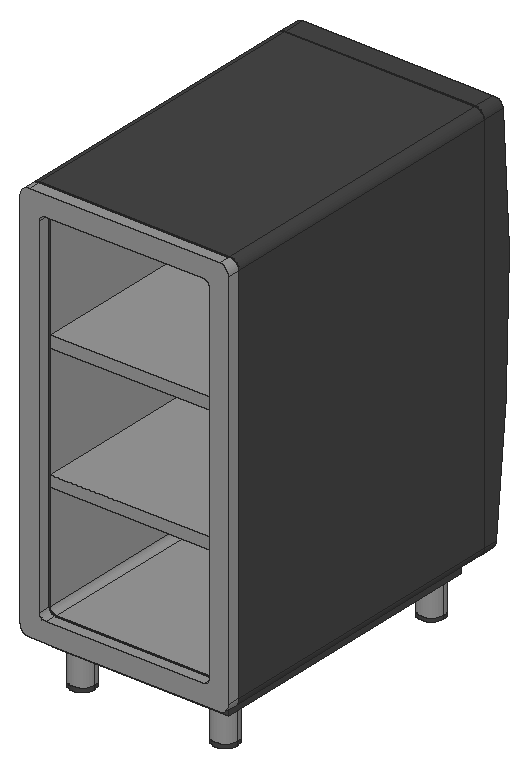
Revit family "Franke_Cup_warmer_A-Series-A600_A800_A1000(EU,CH,GB)", category Specialty Equipment, Revit 2015
Parameters (values of type "Cup warmer A-Series-A600,A800,A1000(220-240V/anthracite/EU,CH,GB)")
  Volts max. = 240 V
  URL = "https://www.franke.com/main/en/cs/products/product-search.html"
  Depth (mm) = 453 mm
  Volts min. = 220 V
  Max Overcurrent Protection = "-"
  Cycle Alternative = 60 Hz
  Cycle = 50 Hz
  Model = "410894 - Cup warmer A-Series - A600, A800, A1000"
  Watts min. = 110 W
  Watts max. = 130 W
  Cost = 0
  Height (mm) = 585 mm
  Manufacturer = "Franke"
  Energy loss acc. to DIN 18873 = "-"
  Width (mm) = 270 mm
  Description = "A-Series key module  Cup warmer"
  Assembly Code = "key module  Cup warmer "
  Keynote = "key module  Cup warmer"
  Weight = "20 kg"
  Number of Poles = 1
  Number of Protective Conductors = "1"
  Number of Nutral Conductors = "1"
  Capacity = "up to 120 cups"
  Frontcover = Franke Anthracite
Types (3, lengths in mm): name | Frontcover
  (no name) | Franke Anthracite
  Cup warmer A-Series-A600,A800,A1000(220-240V/black line/EU,CH,GB) | Franke Black
  Cup warmer A-Series-A600,A800,A1000(220-240V/anthracite/EU,CH,GB) | Franke Anthracite
Reference planes
  plane 1 "Mitte (Vorne/Hinten)": y = 0
  plane 2: z = 0
  plane 3 "Mitte (Links/Rechts)": x = 0
Forms (mm)
  Extrusion 1, solid, material "Franke Anthracite" <- "Frontcover"
    sketch origin (0, 0, 0) x (1, 0, 0) y (0, 0, 1)
      loop
        line (123, 585) -> (-123, 585)
        arc (-123, 585) -> (-131.485, 581.485) -> (-135, 573) r 12
        line (-135, 573) -> (-135, 77)
        arc (-135, 77) -> (-131.485, 68.515) -> (-123, 65) r 12
        line (-123, 65) -> (-85, 65) -> (85, 65) -> (123, 65)
        arc (123, 65) -> (131.485, 68.515) -> (135, 77) r 12
        line (135, 77) -> (135, 573)
        arc (135, 573) -> (131.485, 581.485) -> (123, 585) r 12
      loop
        arc (102, 90) -> (107.657, 92.343) -> (110, 98) r 8
        line (110, 98) -> (110, 552)
        arc (110, 552) -> (107.657, 557.657) -> (102, 560) r 8
        line (102, 560) -> (-102, 560)
        arc (-102, 560) -> (-107.657, 557.657) -> (-110, 552) r 8
        line (-110, 552) -> (-110, 98)
        arc (-110, 98) -> (-107.657, 92.343) -> (-102, 90) r 8
        line (-102, 90) -> (102, 90)
    from 199.53 to 214.53
  Extrusion 2, solid, material "Franke Black"
    sketch origin (0, 0, 0) x (1, 0, 0) y (0, 0, 1)
      loop
        line (123, 585) -> (-123, 585)
        arc (-123, 585) -> (-131.485, 581.485) -> (-135, 573) r 12
        line (-135, 573) -> (-135, 77)
        arc (-135, 77) -> (-131.485, 68.515) -> (-123, 65) r 12
        line (-123, 65) -> (123, 65)
        arc (123, 65) -> (131.485, 68.515) -> (135, 77) r 12
        line (135, 77) -> (135, 573)
        arc (135, 573) -> (131.485, 581.485) -> (123, 585) r 12
      loop
        line (115, 565) -> (-115, 565) -> (-115, 85) -> (115, 85) -> (115, 565)
    from -198.03 to 198.03
  Extrusion 3, solid, material "Franke Black"
    sketch origin (0, 0, 0) x (0, 1, 0) y (0, 0, 1)
      loop
        line (186.97, 65) -> (-188.03, 65) -> (-188.03, 45) -> (186.97, 45) -> (186.97, 65)
    from -114 to 114
  Extrusion 4, solid, material "Franke Black"
    sketch origin (0, 0, 0) x (0, 1, 0) y (0, 0, 1)
      loop
        line (199.53, 585) -> (199.53, 65) -> (216.03, 65)
        arc (216.03, 65) -> (224.982, 150.997) -> (233.478, 237.039) r 16328.175
        arc (233.478, 237.039) -> (233.864, 241.879) -> (234.093, 246.728) r 150
        arc (234.093, 246.728) -> (236.227, 326.074) -> (237.701, 405.435) r 9548.581
        arc (237.701, 405.435) -> (237.699, 406.999) -> (237.648, 408.563) r 50
        arc (237.648, 408.563) -> (233.118, 496.797) -> (228.03, 585) r 14002.549
        line (228.03, 585) -> (199.53, 585)
    from -135 to 135
  Extrusion 5, void
    sketch origin (0, 0, 0) x (1, 0, 0) y (0, 0, 1)
      loop
        line (-123, 585) -> (-123, 595) -> (-145, 595) -> (-145, 573) -> (-135, 573)
        arc (-135, 573) -> (-131.485, 581.485) -> (-123, 585) r 12
      loop
        arc (123, 585) -> (131.485, 581.485) -> (135, 573) r 12
        line (135, 573) -> (145, 573) -> (145, 595) -> (123, 595) -> (123, 585)
      loop
        arc (-123, 65) -> (-131.485, 68.515) -> (-135, 77) r 12
        line (-135, 77) -> (-145, 77) -> (-145, 55) -> (-123, 55) -> (-123, 65)
      loop
        line (123, 65) -> (123, 55) -> (145, 55) -> (145, 77) -> (135, 77)
        arc (135, 77) -> (131.485, 68.515) -> (123, 65) r 12
    from -305.226 to 299.817
  Extrusion 6, solid, material "Franke Chrome"
    sketch origin (0, 0, 0) x (1, 0, 0) y (0, 1, 0)
      loop
        circle (-92.493, -167.305) r 16
      loop
        circle (92.493, -167.305) r 16
      loop
        circle (-92.493, 166.245) r 16
      loop
        circle (92.493, 166.245) r 16
    from 5 to 45
  Extrusion 7, solid, material "Franke Black"
    sketch origin (0, 0, 0) x (1, 0, 0) y (0, 1, 0)
      loop
        line (-107.5, 117.97) -> (-107.5, 96.52) -> (-90.75, 96.52) -> (-90.75, 117.97) -> (-107.5, 117.97)
      loop
        line (90.75, 117.97) -> (90.75, 96.52) -> (107.5, 96.52) -> (107.5, 117.97) -> (90.75, 117.97)
      loop
        line (-107.5, -97.58) -> (-107.5, -119.03) -> (-90.75, -119.03) -> (-90.75, -97.58) -> (-107.5, -97.58)
      loop
        line (90.75, -97.58) -> (90.75, -119.03) -> (107.5, -119.03) -> (107.5, -97.58) -> (90.75, -97.58)
    from 41 to 45
  Extrusion 8, solid, material "Franke Black"
    sketch origin (0, 0, 0) x (1, 0, 0) y (0, 0, 1)
      loop
        line (-120, 65) -> (120, 65) -> (120, 575) -> (-120, 575) -> (-120, 65)
      loop
        arc (-102, 560) -> (-107.657, 557.657) -> (-110, 552) r 8
        line (-110, 552) -> (-110, 98)
        arc (-110, 98) -> (-107.657, 92.343) -> (-102, 90) r 8
        line (-102, 90) -> (102, 90)
        arc (102, 90) -> (107.657, 92.343) -> (110, 98) r 8
        line (110, 98) -> (110, 552)
        arc (110, 552) -> (107.657, 557.657) -> (102, 560) r 8
        line (102, 560) -> (-102, 560)
    from 198.03 to 199.53
  Extrusion 9, solid, material "Franke Black"
    sketch origin (0, 397.56, 0) x (1, 0, 0) y (0, 0, 1)
      loop
        line (-120, 65) -> (120, 65) -> (120, 575) -> (-120, 575) -> (-120, 65)
    from 198.03 to 199.53
  Extrusion 10, solid, material "Franke Stainless Steel"
    sketch origin (0, 0, 41) x (1, 0, 0) y (0, 0, 1)
      loop
        line (-110, 372) -> (-110, 357) -> (110, 357) -> (110, 372) -> (-110, 372)
      loop
        line (-110, 210) -> (-110, 195) -> (110, 195) -> (110, 210) -> (-110, 210)
    from -190.97 to 198.03
  Extrusion 11, solid, material "Franke Stainless Steel"
    sketch origin (0, 0, 41) x (1, 0, 0) y (0, 0, 1)
      loop
        arc (-102, 519) -> (-107.657, 516.657) -> (-110, 511) r 8
        line (-110, 511) -> (-110, 57)
        arc (-110, 57) -> (-107.657, 51.343) -> (-102, 49) r 8
        line (-102, 49) -> (102, 49)
        arc (102, 49) -> (107.657, 51.343) -> (110, 57) r 8
        line (110, 57) -> (110, 511)
        arc (110, 511) -> (107.657, 516.657) -> (102, 519) r 8
        line (102, 519) -> (-102, 519)
    from -198.03 to -190.97
  Extrusion 12, solid, material "Franke Stainless Steel"
    sketch origin (0, 0, 41) x (1, 0, 0) y (0, 0, 1)
      loop
        line (-115, 524) -> (-115, 44) -> (115, 44) -> (115, 524) -> (-115, 524)
      loop
        arc (-102, 519) -> (-107.657, 516.657) -> (-110, 511) r 8
        line (-110, 511) -> (-110, 57)
        arc (-110, 57) -> (-107.657, 51.343) -> (-102, 49) r 8
        line (-102, 49) -> (102, 49)
        arc (102, 49) -> (107.657, 51.343) -> (110, 57) r 8
        line (110, 57) -> (110, 511)
        arc (110, 511) -> (107.657, 516.657) -> (102, 519) r 8
        line (102, 519) -> (-102, 519)
    from -190.97 to 198.03
  Extrusion 13, solid, material "Franke Black"
    sketch origin (0, 0, 10) x (0, -1, 0) y (1, 0, 0)
      loop
        circle (167.305, -92.493) r 16
      loop
        circle (167.305, 92.493) r 16
      loop
        circle (-166.245, -92.493) r 16
      loop
        circle (-166.245, 92.493) r 16
    from -10 to -5
  Extrusion 14, solid, material "Franke Chrome"
    sketch origin (0, 0, 0) x (1, 0, 0) y (0, 1, 0)
      loop
        circle (0, 146.221) r 2.5
    from 41 to 45
Cuts and joins
  Extrusion 5 cuts Extrusion 4
Dimensions and locks
  aligned and locked: level to plane 2
Connectors
  electrical at (0, 146.221, 41), driven by "Volts min.", driven by "Number of Poles"
    settings: on Extrusion 14, index 1, voltage 220 V, apparent load 0 VA, apparent load phase1 0 VA, apparent load phase2 0 VA, apparent load phase3 0 VA, power factor 1, load classification "Strom", number of poles 1, system type 31, power factor state 1, is connector primary yes, connector utility no, sub classification motor no, connector description ""
